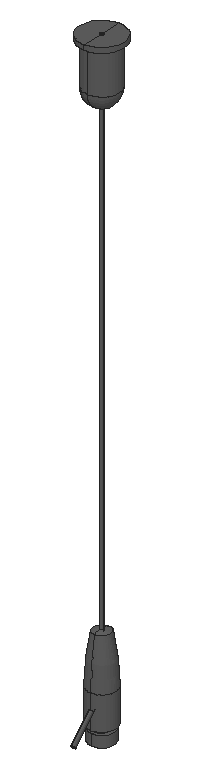
Revit family "HeartFelt-Linear-Wire Suspension Set_HunterDouglasEurope.LOG200", category Specialty Equipment, Revit 2016
Family settings
  Part Type = Normal
  Round Connector Dimension = Use Diameter
  OmniClass Number = 23.35.70.24.11.11.11
  OmniClass Title = Suspended Ceilings, Suspension Assembly
  Work Plane-Based = No
  Always vertical = Yes
  Cut with Voids When Loaded = No
  Shared = No
  Room Calculation Point = No
Parameters (values of type "Wire Suspension Set")
  URL = "https://www.gripple.com/"
  Subcategory = "HeartFelt® Ceilings"  # constant formula
  Product Line = "HeartFelt® Linear"  # constant formula
  Product Data = "https://www.gripple.co.uk/gb/en/p3/a8/angel-hanger"
  Load Rating_Top Hat = "45kg @ 5:1Safety Factor"  # constant formula
  Load Rating_Female Feet = "15kg @ 5:1 Safety Factor"  # constant formula
  Model = "Wire Suspension Set"  # constant formula
  Manufacturer = "Gripple"  # constant formula
  Instalation Instructions = "https://www.gripple.co.uk/images/Markets/Building%20Services/Products/Angel/BUS-PI-ANG-ENG-1689%20433.pdf"
  Hanger Height [instance] = 250.00 mm
  EN13501-1_Fire rating = "Class A1"  # constant formula
Reference planes
  plane 1 "Center (Front/Back)": y = 0
  plane 2: z = 0
  plane 3 "Center (Left/Right)": x = 0
  plane 4 "Carrier Top": z = 90
  plane 5 "Carrier Bottom": z = 89.05
  plane 6 "Hanger Top": z = 340
  plane 7 "Wire bottom": z = 110
Forms (mm)
  Extrusion 1, solid, material "FR Plywood-Black_HunterDouglasEurope"
    sketch origin (0, 0, 0) x (1, 0, 0) y (0, 1, 0)
      loop
        circle (0, 0) r 0.75
    from 110 to 340
  Revolve 2, solid, material "FR Plywood-Black_HunterDouglasEurope"
    sketch origin (0, 0, 0) x (0, 1, 0) y (0, 0, 1)
      loop
        arc (0, 124.6) -> (-1.814, 124.364) -> (-3.502, 123.66) r 6.915
        arc (-3.502, 123.66) -> (-5.186, 113.697) -> (-5.75, 103.609) r 90.545
        line (-5.75, 103.609) -> (-5.75, 90) -> (-2.999, 90) -> (-2.999, 88.249) -> (-5, 88.249) -> (-5, 84) -> (0, 84) -> (0, 124.6)
      axis (0, 124.6) -> (0, 84)
    angle from 0 to 360
  Revolve 3, solid, material "FR Plywood-Black_HunterDouglasEurope"
    sketch origin (0, 0, 0) x (0, 1, 0) y (0, 0, 1)
      loop
        line (0, 340) -> (-8.848, 340) -> (-8.848, 338) -> (-7.006, 338) -> (-7.006, 321.009)
        arc (-7.006, 321.009) -> (-5.456, 316.617) -> (-1.499, 314.162) r 7.02
        line (-1.499, 314.162) -> (0, 314.162) -> (0, 340)
      axis (0, 340) -> (0, 314.162)
    angle from 0 to 360
  Revolve 4, solid, material "FR Plywood-Black_HunterDouglasEurope"
    sketch origin (0, 0, 0) x (0, 1, 0) y (0, 0, 1)
      loop
        line (-4.309, 97.846) -> (-4.874, 98.412) -> (-14.998, 88.288) -> (-14.432, 87.723) -> (-4.309, 97.846)
      axis (-4.309, 97.846) -> (-14.432, 87.723)
    angle from 0 to 360
Dimensions and locks
  "Hanger Height": plane 6 "Hanger Top" to plane 4 "Carrier Top"  (x2)
  locked: plane 7 "Wire bottom" to plane 4 "Carrier Top" at 20
  aligned and locked: plane 2 to level
  aligned and locked: Extrusion 1 to plane 7 "Wire bottom"  (x2)
  aligned and locked: plane 6 "Hanger Top" to Extrusion 1
  aligned and locked: Revolve 2 to plane 4 "Carrier Top"
Automatic sketch dimensions
  plane 1 "Center (Front/Back)" to Extrusion 1 sketch curve = 0.00 mm
  Extrusion 1 sketch curve to plane 3 "Center (Left/Right)" = 0.00 mm
  Revolve 2 sketch curve to plane 4 "Carrier Top" = 0.00 mm
  Revolve 2 sketch curve to plane 1 "Center (Front/Back)" = 0.00 mm  (x2)
  plane 1 "Center (Front/Back)" to Revolve 2 sketch curve = 0.021 mm
  plane 5 "Carrier Bottom" to Revolve 2 sketch curve = 0.801 mm
  plane 1 "Center (Front/Back)" to Revolve 2 sketch curve = 2.999 mm
  Revolve 2 sketch curve to Revolve 2 sketch curve = 2.001 mm
  Revolve 2 sketch curve to Revolve 2 sketch curve = 0.75 mm
  Revolve 2 sketch curve to plane 7 "Wire bottom" = 6.391 mm
  Revolve 2 sketch curve to plane 1 "Center (Front/Back)" = 84.795 mm
  Revolve 2 sketch curve to Revolve 2 sketch curve = 4.249 mm
  plane 7 "Wire bottom" to Revolve 2 sketch curve = 7.685 mm
  Revolve 2 sketch curve to Revolve 2 sketch curve = 6.915 mm
  Revolve 2 sketch curve to Revolve 2 sketch curve = 0.00 mm  (x2)
  Revolve 3 sketch curve to plane 6 "Hanger Top" = 0.00 mm  (x2)
  Revolve 3 sketch curve to plane 1 "Center (Front/Back)" = 0.00 mm  (x2)
  Revolve 3 sketch curve to Revolve 3 sketch curve = 1.499 mm
  Revolve 3 sketch curve to plane 6 "Hanger Top" = 2.00 mm
  plane 1 "Center (Front/Back)" to Revolve 3 sketch curve = 7.006 mm
  Revolve 3 sketch curve to Revolve 3 sketch curve = 1.841 mm
  Revolve 3 sketch curve to plane 1 "Center (Front/Back)" = 0.014 mm
  Revolve 3 sketch curve to Revolve 3 sketch curve = 16.983 mm
  Revolve 3 sketch curve to Revolve 3 sketch curve = 0.008 mm
  Revolve 3 sketch curve to Revolve 3 sketch curve = 0.00 mm
  Revolve 4 sketch curve to plane 4 "Carrier Top" = 1.712 mm
  plane 1 "Center (Front/Back)" to Revolve 4 sketch curve = 14.998 mm
  Revolve 4 sketch curve to plane 4 "Carrier Top" = 2.277 mm
  Revolve 4 sketch curve to Revolve 4 sketch curve = 0.566 mm
  plane 1 "Center (Front/Back)" to Revolve 4 sketch curve = 4.874 mm
  plane 5 "Carrier Bottom" to Revolve 4 sketch curve = 1.327 mm
  Revolve 4 sketch curve to Revolve 4 sketch curve = 0.00 mm  (x3)
  radius of Extrusion 1 sketch curve = 0.75 mm
